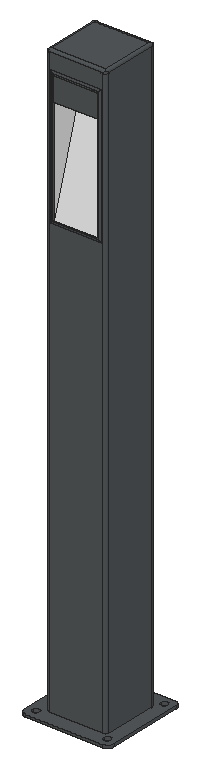
Revit family "svetilnik_alfresco_ar deko_dtu19", category Lighting Fixtures, Revit 2016 (continued)
Definition of nested family "Источник света Ар_Деко"
  Types (5, lengths in mm): name | Photometric Web File | built-in parameter 1150142
      .2       0.2       0.2       0.2       0.2\r\n       0.2       0.2       0.2       0.2       0.2       0.2       0.2       0.2\r\n       0.2       0.2       0.2       0.2       0.2       0.2       0.2       0.2\r\n       0.2       0.2       0.2       0.2       0.2       0.2       0.2       0.2\r\n       0.2       0.2       0.2       0.1       0.1       0.1       0.1       0.1\r\n       0.1       0.1       0.1       0.1       0.0       0.0       0.0       0.0\r\n       0.0       0.0       0.0       0.0       0.0\r\n       0.0       0.0       0.0       0.0       0.0       0.0       0.0       0.0\r\n       0.1       0.1       0.1       0.1       0.1       0.1       0.1       0.1\r\n       0.1       0.1       0.1       0.1       0.1       0.1       0.1       0.1\r\n       0.1       0.2       0.2       0.2       0.2       0.2       0.2       0.2\r\n       0.1       0.2       0.2       0.2       0.2       0.1       0.2       0.1\r\n       0.2       0.2       0.2       0.2       0.2       0.2       0.2       0.2\r\n       0.2       0.2       0.2       0.2       0.2       0.2       0.2       0.2\r\n       0.2       0.2       0.2       0.2       0.2       0.2       0.2       0.2\r\n       0.2       0.2       0.2       0.2       0.2       0.2       0.2       0.2\r\n       0.2       0.2       0.2       0.2       0.2       0.2       0.2       0.2\r\n       0.2       0.2       0.2       0.2       0.2       0.2       0.2       0.2\r\n       0.2       0.2       0.2       0.2       0.2       0.2       0.2       0.2\r\n       0.2       0.2       0.2       0.2       0.2       0.2       0.2       0.2\r\n       0.2       0.2       0.2       0.2       0.2       0.2       0.2       0.2\r\n       0.2       0.2       0.2       0.2       0.2       0.2       0.2       0.2\r\n       0.2       0.2       0.2       0.2       0.2       0.2       0.2       0.2\r\n       0.2       0.2       0.2       0.2       0.2       0.2       0.2       0.1\r\n       0.2       0.2       0.2       0.1       0.2       0.2       0.2       0.2\r\n       0.2       0.2       0.2       0.2       0.2       0.2       0.2       0.2\r\n       0.2       0.2       0.2       0.2       0.2       0.2       0.2       0.1\r\n       0.1       0.1       0.1       0.1       0.1       0.1       0.1       0.1\r\n       0.1       0.1       0.1       0.0       0.0       0.0       0.0       0.0\r\n       0.0       0.0       0.0       0.0       0.0\r\n       0.0       0.0       0.0       0.0       0.0       0.0       0.0       0.0\r\n       0.1       0.1       0.1       0.1       0.1       0.1       0.1       0.1\r\n       0.1       0.1       0.1       0.1       0.1       0.1       0.1       0.1\r\n       0.1       0.1       0.1       0.1       0.1       0.1       0.1       0.1\r\n       0.1       0.1       0.2       0.1       0.2       0.2       0.2       0.1\r\n       0.2       0.2       0.2       0.2       0.2       0.2       0.2       0.2\r\n       0.2       0.2       0.2       0.2       0.2       0.2       0.2       0.2\r\n       0.2       0.2       0.2       0.2       0.2       0.2       0.2       0.2\r\n       0.2       0.2       0.2       0.2       0.2       0.2       0.2       0.2\r\n       0.2       0.2       0.2       0.2       0.2       0.2       0.2       0.2\r\n       0.2       0.2       0.2       0.2       0.2       0.2       0.2       0.2\r\n       0.2       0.2       0.2       0.2       0.2       0.2       0.2       0.2\r\n       0.2       0.2       0.2       0.2       0.2       0.2       0.2       0.2\r\n       0.2       0.2       0.2       0.2       0.2       0.2       0.2       0.2\r\n       0.2       0.2       0.2       0.2       0.2       0.2       0.2       0.2\r\n       0.2       0.2       0.2       0.2       0.2       0.2       0.2       0.2\r\n       0.2       0.2       0.2       0.2       0.2       0.2       0.2       0.2\r\n       0.2       0.2       0.2       0.2       0.2       0.2       0.2       0.2\r\n       0.2       0.2       0.2       0.1       0.1       0.1       0.1       0.1\r\n       0.1       0.1       0.1       0.1       0.1       0.1       0.1       0.1\r\n       0.1       0.1       0.1       0.1       0.1       0.1       0.1       0.1\r\n       0.1       0.1       0.0       0.0       0.0       0.0       0.0       0.0\r\n       0.0       0.0       0.0       0.0       0.0\r\n       0.0       0.0       0.0       0.0       0.0       0.0       0.0       0.0\r\n       0.1       0.1       0.1       0.1       0.1       0.1       0.1       0.1\r\n       0.1       0.1       0.1       0.1       0.1       0.1       0.1       0.1\r\n       0.1       0.1       0.1       0.1       0.1       0.1       0.1       0.1\r\n       0.1       0.1       0.1       0.1       0.1       0.1       0.1       0.1\r\n       0.1       0.1       0.1       0.1       0.1       0.1       0.1       0.1\r\n       0.1       0.1       0.1       0.1       0.1       0.1       0.1       0.1\r\n       0.1       0.1       0.1       0.2       0.1       0.1       0.1       0.2\r\n       0.2       0.2       0.2       0.2       0.2       0.2       0.2       0.2\r\n       0.2       0.2       0.1       0.2       0.2       0.1       0.2       0.2\r\n       0.1       0.2       0.2       0.2       0.2       0.2       0.2       0.2\r\n       0.2       0.2       0.2       0.2       0.2       0.2       0.2       0.2\r\n       0.2       0.2       0.2       0.2       0.2       0.2       0.2       0.2\r\n       0.1       0.2       0.2       0.2       0.2       0.2       0.2       0.1\r\n       0.2       0.2       0.2       0.1       0.2       0.2       0.1       0.1\r\n       0.1       0.1       0.2       0.1       0.1       0.2       0.2       0.1\r\n       0.1       0.1       0.1       0.1       0.1       0.1       0.1       0.1\r\n       0.1       0.1       0.1       0.1       0.1       0.1       0.1       0.1\r\n       0.1       0.1       0.1       0.1       0.1       0.1       0.1       0.1\r\n       0.1       0.1       0.1       0.1       0.1       0.1       0.1       0.1\r\n       0.1       0.1       0.1       0.1       0.1       0.1       0.1       0.1\r\n       0.1       0.1       0.0       0.0       0.0       0.0       0.0       0.0\r\n       0.0       0.0       0.0       0.0       0.0\r\n       0.0       0.0       0.0       0.0       0.0       0.0       0.0       0.0\r\n       0.1       0.1       0.1       0.1       0.1       0.1       0.1       0.1\r\n       0.1       0.1       0.1       0.1       0.1       0.1       0.1       0.1\r\n       0.1       0.1       0.1       0.1       0.1       0.1       0.1       0.1\r\n       0.1       0.1       0.1       0.1       0.1       0.1       0.1       0.1\r\n       0.1       0.1       0.1       0.1       0.1       0.1       0.1       0.1\r\n       0.1       0.1       0.1       0.1       0.1       0.1       0.1       0.1\r\n       0.1       0.1       0.1       0.1       0.1       0.1       0.1       0.1\r\n       0.1       0.1       0.1       0.1       0.1       0.1       0.1       0.1\r\n       0.1       0.1       0.1       0.1       0.1       0.1       0.1       0.1\r\n       0.1       0.1       0.1       0.1       0.1       0.1       0.1       0.1\r\n       0.1       0.1       0.1       0.1       0.1       0.1       0.1       0.1\r\n       0.1       0.1       0.1       0.1       0.1       0.1       0.1       0.1\r\n       0.1       0.1       0.1       0.1       0.1       0.1       0.1       0.1\r\n       0.1       0.1       0.1       0.1       0.1       0.1       0.1       0.1\r\n       0.1       0.1       0.1       0.1       0.1       0.1       0.1       0.1\r\n       0.1       0.1       0.1       0.1       0.1       0.1       0.1       0.1\r\n       0.1       0.1       0.1       0.1       0.1       0.1       0.1       0.1\r\n       0.1       0.1       0.1       0.1       0.1       0.1       0.1       0.1\r\n       0.1       0.1       0.1       0.1       0.1       0.1       0.1       0.1\r\n       0.1       0.1       0.1       0.1       0.1       0.1       0.1       0.1\r\n       0.1       0.1       0.0       0.0       0.0       0.0       0.0       0.0\r\n       0.0       0.0       0.0       0.0       0.0\r\n       0.0       0.0       0.0       0.0       0.0       0.0       0.0       0.0\r\n       0.1       0.1       0.1       0.1       0.1       0.1       0.1       0.1\r\n       0.1       0.1       0.1       0.1       0.1       0.1       0.1       0.1\r\n       0.1       0.1       0.1       0.1       0.1       0.1       0.1       0.1\r\n       0.1       0.1       0.1       0.1       0.1       0.1       0.1       0.1\r\n       0.1       0.1       0.1       0.1       0.1       0.1       0.1       0.1\r\n       0.1       0.1       0.1       0.1       0.1       0.1       0.1       0.1\r\n       0.1       0.1       0.1       0.1       0.1       0.1       0.1       0.1\r\n       0.1       0.1       0.1       0.1       0.1       0.1       0.1       0.1\r\n       0.1       0.1       0.1       0.1       0.1       0.1       0.1       0.1\r\n       0.1       0.1       0.1       0.1       0.1       0.1       0.1       0.1\r\n       0.1       0.1       0.1       0.1       0.1       0.1       0.1       0.1\r\n       0.1       0.1       0.1       0.1       0.1       0.1       0.1       0.1\r\n       0.1       0.1       0.1       0.1       0.1       0.1       0.1       0.1\r\n       0.1       0.1       0.1       0.1       0.1       0.1       0.1       0.1\r\n       0.1       0.1       0.1       0.1       0.1       0.1       0.1       0.1\r\n       0.1       0.1       0.1       0.1       0.1       0.1       0.1       0.1\r\n       0.1       0.1       0.1       0.1       0.1       0.1       0.1       0.1\r\n       0.1       0.1       0.1       0.1       0.1       0.1       0.1       0.1\r\n       0.1       0.1       0.1       0.1       0.1       0.1       0.1       0.1\r\n       0.1       0.1       0.1       0.1       0.1       0.1       0.1       0.1\r\n       0.1       0.1       0.0       0.0       0.0       0.0       0.0       0.0\r\n       0.0       0.0       0.0       0.0       0.0\r\n       0.0       0.0       0.0       0.0       0.0       0.0       0.0       0.0\r\n       0.1       0.1       0.1       0.1       0.1       0.1       0.1       0.1\r\n       0.1       0.1       0.1       0.1       0.1       0.1       0.1       0.1\r\n       0.1       0.1       0.1       0.1       0.1       0.1       0.1       0.1\r\n       0.1       0.1       0.1       0.1       0.1       0.1       0.1       0.1\r\n       0.1       0.1       0.1       0.1       0.1       0.1       0.1       0.1\r\n       0.1       0.1       0.1       0.1       0.1       0.1       0.2       0.2\r\n       0.2       0.1       0.1       0.2       0.2       0.2       0.1       0.2\r\n       0.1       0.2       0.2       0.2       0.2       0.2       0.2       0.2\r\n       0.2       0.2       0.2       0.2       0.2       0.2       0.2       0.2\r\n       0.2       0.2       0.2       0.2       0.2       0.2       0.2       0.2\r\n       0.2       0.2       0.2       0.2       0.2       0.2       0.2       0.2\r\n       0.2       0.2       0.2       0.2       0.2       0.2       0.2       0.2\r\n       0.2       0.2       0.2       0.2       0.2       0.2       0.2       0.2\r\n       0.2       0.2       0.2       0.2       0.2       0.2       0.1       0.1\r\n       0.1       0.2       0.1       0.1       0.1       0.1       0.1       0.1\r\n       0.1       0.1       0.1       0.1       0.1       0.1       0.1       0.1\r\n       0.1       0.1       0.1       0.1       0.1       0.1       0.1       0.1\r\n       0.1       0.1       0.1       0.1       0.1       0.1       0.1       0.1\r\n       0.1       0.1       0.1       0.1       0.1       0.1       0.1       0.1\r\n       0.1       0.1       0.1       0.1       0.1       0.1       0.1       0.1\r\n       0.1       0.1       0.0       0.0       0.0       0.0       0.0       0.0\r\n       0.0       0.0       0.0       0.0       0.0\r\n       0.0       0.0       0.0       0.0       0.0       0.0       0.0       0.0\r\n       0.1       0.1       0.1       0.1       0.1       0.1       0.1       0.1\r\n       0.1       0.1       0.1       0.1       0.1       0.1       0.1       0.1\r\n       0.1       0.1       0.1       0.1       0.1       0.1       0.2       0.2\r\n       0.2       0.2       0.2       0.2       0.2       0.2       0.2       0.2\r\n       0.2       0.2       0.2       0.2       0.2       0.2       0.2       0.2\r\n       0.2       0.2       0.2       0.2       0.2       0.2       0.2       0.2\r\n       0.2       0.2       0.2       0.2       0.2       0.2       0.2       0.2\r\n       0.2       0.2       0.2       0.2       0.2       0.2       0.2       0.2\r\n       0.2       0.2       0.2       0.2       0.2       0.2       0.2       0.2\r\n       0.2       0.2       0.2       0.2       0.2       0.2       0.2       0.2\r\n       0.2       0.2       0.2       0.2       0.2       0.2       0.2       0.2\r\n       0.2       0.2       0.2       0.2       0.2       0.2       0.2       0.2\r\n       0.2       0.2       0.2       0.2       0.2       0.2       0.2       0.2\r\n       0.2       0.2       0.2       0.2       0.2       0.2       0.2       0.2\r\n       0.2       0.2       0.2       0.2       0.2       0.2       0.2       0.2\r\n       0.2       0.2       0.2       0.2       0.2       0.2       0.2       0.2\r\n       0.2       0.2       0.2       0.2       0.2       0.2       0.2       0.2\r\n       0.2       0.2       0.2       0.2       0.2       0.1       0.1       0.1\r\n       0.1       0.1       0.1       0.1       0.1       0.1       0.1       0.1\r\n       0.1       0.1       0.1       0.1       0.1       0.1       0.1       0.1\r\n       0.1       0.1       0.0       0.0       0.0       0.0       0.0       0.0\r\n       0.0       0.0       0.0       0.0       0.0\r\n       0.0       0.0       0.0       0.0       0.0       0.0       0.0       0.0\r\n       0.1       0.1       0.1       0.1       0.1       0.1       0.1       0.1\r\n       0.1       0.1       0.1       0.1       0.1       0.1       0.2       0.2\r\n       0.2       0.2       0.2       0.2       0.2       0.2       0.2       0.2\r\n       0.2       0.2       0.2       0.2       0.2       0.2       0.2       0.2\r\n       0.2       0.2       0.2       0.2       0.2       0.2       0.2       0.2\r\n       0.2       0.2       0.2       0.2       0.2       0.2       0.2       0.2\r\n       0.2       0.2       0.2       0.2       0.2       0.2       0.2       0.2\r\n       0.2       0.2       0.2       0.2       0.2       0.2       0.2       0.2\r\n       0.2       0.2       0.2       0.2       0.2       0.2       0.2       0.2\r\n       0.2       0.2       0.2       0.2       0.2       0.2       0.2       0.2\r\n       0.2       0.2       0.2       0.2       0.2       0.2       0.2       0.2\r\n       0.2       0.2       0.2       0.2       0.2       0.2       0.2       0.2\r\n       0.2       0.2       0.2       0.2       0.2       0.2       0.2       0.2\r\n       0.2       0.2       0.2       0.2       0.2       0.2       0.2       0.2\r\n       0.2       0.2       0.2       0.2       0.2       0.2       0.2       0.2\r\n       0.2       0.2       0.2       0.2       0.2       0.2       0.2       0.2\r\n       0.2       0.2       0.2       0.2       0.2       0.2       0.2       0.2\r\n       0.2       0.2       0.2       0.2       0.2       0.2       0.2       0.2\r\n       0.2       0.2       0.1       0.2       0.2       0.1       0.1       0.1\r\n       0.1       0.1       0.1       0.1       0.1       0.1       0.1       0.1\r\n       0.1       0.1       0.1       0.0       0.0       0.0       0.0       0.0\r\n       0.0       0.0       0.0       0.0       0.0\r\n       0.0       0.0       0.0       0.0       0.0       0.0       0.0       0.0\r\n       0.1       0.1       0.1       0.1       0.1       0.1       0.1       0.1\r\n       0.1       0.2       0.2       0.2       0.2       0.2       0.2       0.2\r\n       0.2       0.2       0.2       0.2       0.2       0.2       0.2       0.2\r\n       0.2       0.2       0.2       0.2       0.2       0.2       0.2       0.2\r\n       0.2       0.2       0.2       0.2       0.2       0.2       0.2       0.2\r\n       0.2       0.2       0.2       0.2       0.2       0.2       0.2       0.2\r\n       0.2       0.2       0.2       0.2       0.2       0.2       0.2  
           0.2\r\n       0.2       0.2       0.2       0.2       0.2       0.2       0.2       0.2\r\n       0.2       0.2       0.2       0.2       0.2       0.2       0.2       0.2\r\n       0.2       0.2       0.2       0.2       0.2       0.2       0.2       0.2\r\n       0.2       0.2       0.2       0.2       0.2       0.2       0.2       0.2\r\n       0.2       0.2       0.2       0.2       0.2       0.2       0.2       0.2\r\n       0.2       0.2       0.2       0.2       0.2       0.2       0.2       0.2\r\n       0.2       0.2       0.2       0.2       0.2       0.2       0.2       0.2\r\n       0.2       0.2       0.2       0.2       0.2       0.2       0.2       0.2\r\n       0.2       0.2       0.2       0.2       0.2       0.2       0.2       0.2\r\n       0.2       0.2       0.2       0.2       0.2       0.2       0.2       0.2\r\n       0.2       0.2       0.2       0.2       0.2       0.2       0.2       0.2\r\n       0.2       0.2       0.2       0.2       0.2       0.2       0.2       0.2\r\n       0.1       0.1       0.1       0.1       0.1       0.1       0.1       0.1\r\n       0.1       0.1       0.1       0.0       0.0       0.0       0.0       0.0\r\n       0.0       0.0       0.0       0.0       0.0\r\n       0.0       0.0       0.0       0.0       0.0       0.0       0.0       0.0\r\n       0.1       0.1       0.1       0.1       0.1       0.1       0.2       0.2\r\n       0.2       0.2       0.2       0.2       0.2       0.2       0.2       0.2\r\n       0.2       0.2       0.2       0.2       0.2       0.2       0.2       0.2\r\n       0.2       0.2       0.2       0.2       0.2       0.2       0.2       0.2\r\n       0.2       0.2       0.2       0.2       0.2       0.2       0.2       0.2\r\n       0.2       0.2       0.2       0.2       0.2       0.2       0.2       0.2\r\n       0.2       0.2       0.2       0.2       0.2       0.2       0.2       0.2\r\n       0.2       0.2       0.2       0.2       0.2       0.2       0.2       0.2\r\n       0.2       0.2       0.2       0.2       0.2       0.2       0.2       0.2\r\n       0.2       0.2       0.2       0.2       0.2       0.2       0.2       0.2\r\n       0.2       0.2       0.2       0.2       0.2       0.2       0.2       0.2\r\n       0.2       0.2       0.2       0.2       0.2       0.2       0.2       0.2\r\n       0.2       0.2       0.2       0.2       0.2       0.2       0.2       0.2\r\n       0.2       0.2       0.2       0.2       0.2       0.2       0.2       0.2\r\n       0.2       0.2       0.2       0.2       0.2       0.2       0.2       0.2\r\n       0.2       0.2       0.2       0.2       0.2       0.2       0.2       0.2\r\n       0.2       0.2       0.2       0.2       0.2       0.2       0.2       0.2\r\n       0.2       0.2       0.2       0.2       0.2       0.2       0.2       0.2\r\n       0.2       0.2       0.2       0.2       0.2       0.2       0.2       0.2\r\n       0.2       0.2       0.2       0.1       0.1       0.1       0.1       0.1\r\n       0.1       0.1       0.1       0.0       0.0       0.0       0.0       0.0\r\n       0.0       0.0       0.0       0.0       0.0\r\n       0.0       0.0       0.0       0.0       0.0       0.0       0.0       0.0\r\n       0.1       0.1       0.1       0.2       0.2       0.2       0.2       0.2\r\n       0.2       0.2       0.2       0.2       0.2       0.2       0.2       0.2\r\n       0.2       0.2       0.2       0.2       0.2       0.2       0.2       0.2\r\n       0.2       0.2       0.2       0.2       0.2       0.2       0.2       0.2\r\n       0.2       0.2       0.2       0.2       0.2       0.2       0.2       0.2\r\n       0.2       0.2       0.2       0.2       0.2       0.2       0.2       0.2\r\n       0.2       0.2       0.2       0.2       0.2       0.2       0.2       0.2\r\n       0.2       0.2       0.2       0.2       0.2       0.2       0.2       0.2\r\n       0.2       0.2       0.2       0.2       0.2       0.2       0.2       0.2\r\n       0.2       0.2       0.2       0.2       0.2       0.2       0.2       0.2\r\n       0.2       0.2       0.2       0.2       0.2       0.2       0.2       0.2\r\n       0.2       0.2       0.2       0.2       0.2       0.2       0.2       0.2\r\n       0.2       0.2       0.2       0.2       0.2       0.2       0.2       0.2\r\n       0.2       0.2       0.2       0.2       0.2       0.2       0.2       0.2\r\n       0.2       0.2       0.2       0.2       0.2       0.2       0.2       0.2\r\n       0.2       0.2       0.2       0.2       0.2       0.2       0.2       0.2\r\n       0.2       0.2       0.2       0.2       0.2       0.2       0.2       0.2\r\n       0.2       0.2       0.2       0.2       0.2       0.2       0.2       0.2\r\n       0.2       0.2       0.2       0.2       0.2       0.2       0.2       0.2\r\n       0.2       0.2       0.2       0.2       0.2       0.2       0.1       0.1\r\n       0.1       0.1       0.1       0.1       0.0       0.0       0.0       0.0\r\n       0.0       0.0       0.0       0.0       0.0\r\n       0.0       0.0       0.0       0.0       0.0       0.0       0.0       0.0\r\n       0.2       0.1       0.2       0.2       0.2       0.2       0.2       0.2\r\n       0.2       0.2       0.2       0.2       0.2       0.2       0.2       0.2\r\n       0.2       0.2       0.2       0.2       0.2       0.2       0.2       0.2\r\n       0.2       0.2       0.2       0.2       0.2       0.2       0.2       0.2\r\n       0.2       0.2       0.2       0.2       0.2       0.2       0.2       0.2\r\n       0.2       0.2       0.2       0.2       0.2       0.2       0.2       0.2\r\n       0.2       0.2       0.2       0.2       0.2       0.2       0.2       0.2\r\n       0.2       0.2       0.2       0.2       0.2       0.2       0.2       0.2\r\n       0.2       0.2       0.2       0.2       0.2       0.2       0.2       0.2\r\n       0.2       0.2       0.2       0.2       0.2       0.2       0.2       0.2\r\n       0.2       0.2       0.2       0.2       0.2       0.2       0.2       0.2\r\n       0.2       0.2       0.2       0.2       0.2       0.2       0.2       0.2\r\n       0.2       0.2       0.2       0.2       0.2       0.2       0.2       0.2\r\n       0.2       0.2       0.2       0.2       0.2       0.2       0.2       0.2\r\n       0.2       0.2       0.2       0.2       0.2       0.2       0.2       0.2\r\n       0.2       0.2       0.2       0.2       0.2       0.2       0.2       0.2\r\n       0.2       0.2       0.2       0.2       0.2       0.2       0.2       0.2\r\n       0.2       0.2       0.2       0.2       0.2       0.2       0.2       0.2\r\n       0.2       0.2       0.2       0.2       0.2       0.2       0.2       0.2\r\n       0.2       0.2       0.2       0.2       0.2       0.2       0.2       0.2\r\n       0.1       0.1       0.1       0.1       0.0       0.0       0.0       0.0\r\n       0.0       0.0       0.0       0.0       0.0\r\n       0.0       0.0       0.0       0.0       0.0       0.0       0.1       0.1\r\n       0.2       0.2       0.2       0.2       0.2       0.2       0.2       0.2\r\n       0.2       0.2       0.2       0.2       0.2       0.2       0.2       0.2\r\n       0.2       0.2       0.2       0.2       0.2       0.2       0.2       0.2\r\n       0.2       0.2       0.2       0.2       0.2       0.2       0.2       0.2\r\n       0.2       0.2       0.2       0.2       0.2       0.2       0.2       0.2\r\n       0.2       0.2       0.2       0.2       0.2       0.2       0.2       0.2\r\n       0.2       0.2       0.2       0.2       0.2       0.2       0.2       0.2\r\n       0.2       0.2       0.2       0.2       0.2       0.2       0.2       0.2\r\n       0.2       0.2       0.2       0.2       0.2       0.2       0.2       0.2\r\n       0.2       0.2       0.2       0.2       0.2       0.2       0.2       0.2\r\n       0.2       0.2       0.2       0.2       0.2       0.2       0.2       0.2\r\n       0.2       0.2       0.2       0.2       0.2       0.2       0.2       0.2\r\n       0.2       0.2       0.2       0.2       0.2       0.2       0.2       0.2\r\n       0.2       0.2       0.2       0.2       0.2       0.2       0.2       0.2\r\n       0.2       0.2       0.2       0.2       0.2       0.2       0.2       0.2\r\n       0.2       0.2       0.2       0.2       0.2       0.2       0.2       0.2\r\n       0.2       0.2       0.2       0.2       0.2       0.2       0.2       0.2\r\n       0.2       0.2       0.2       0.2       0.2       0.2       0.2       0.2\r\n       0.2       0.2       0.2       0.2       0.2       0.2       0.2       0.2\r\n       0.2       0.2       0.2       0.2       0.2       0.2       0.2       0.2\r\n       0.1       0.1       0.1       0.1       0.0       0.0       0.0       0.0\r\n       0.0       0.0       0.0       0.0       0.0\r\n       0.0       0.0       0.0       0.0       0.0       0.0       0.1       0.1\r\n       0.2       0.2       0.2       0.2       0.2       0.2       0.2       0.2\r\n       0.2       0.2       0.2       0.2       0.2       0.2       0.2       0.2\r\n       0.2       0.2       0.2       0.2       0.2       0.2       0.2       0.2\r\n       0.2       0.2       0.2       0.2       0.2       0.2       0.2       0.2\r\n       0.2       0.2       0.2       0.2       0.2       0.2       0.2       0.2\r\n       0.2       0.2       0.2       0.2       0.2       0.2       0.2       0.2\r\n       0.2       0.2       0.2       0.2       0.2       0.2       0.2       0.2\r\n       0.2       0.2       0.2       0.2       0.2       0.2       0.2       0.2\r\n       0.2       0.2       0.2       0.2       0.2       0.2       0.2       0.2\r\n       0.2       0.2       0.2       0.2       0.2       0.2       0.2       0.2\r\n       0.2       0.2       0.2       0.2       0.2       0.2       0.2       0.2\r\n       0.2       0.2       0.2       0.2       0.2       0.2       0.2       0.2\r\n       0.2       0.2       0.2       0.2       0.2       0.2       0.2       0.2\r\n       0.2       0.2       0.2       0.2       0.2       0.2       0.2       0.2\r\n       0.2       0.2       0.2       0.2       0.2       0.2       0.2       0.2\r\n       0.2       0.2       0.2       0.2       0.2       0.2       0.2       0.2\r\n       0.2       0.2       0.2       0.2       0.2       0.2       0.2       0.2\r\n       0.2       0.2       0.2       0.2       0.2       0.2       0.2       0.2\r\n       0.2       0.2       0.2       0.2       0.2       0.2       0.2       0.2\r\n       0.2       0.2       0.2       0.2       0.2       0.2       0.2       0.2\r\n       0.1       0.1       0.1       0.1       0.0       0.0       0.0       0.0\r\n       0.0       0.0       0.0       0.0       0.0\r\n       0.0       0.0       0.0       0.0       0.0       0.0       0.1       0.1\r\n       0.2       0.2       0.2       0.2       0.2       0.2       0.2       0.2\r\n       0.2       0.2       0.2       0.2       0.2       0.2       0.2       0.2\r\n       0.2       0.2       0.2       0.2       0.2       0.2       0.2       0.2\r\n       0.2       0.2       0.2       0.2       0.2       0.2       0.2       0.2\r\n       0.2       0.2       0.2       0.2       0.2       0.2       0.2       0.2\r\n       0.2       0.2       0.2       0.2       0.2       0.2       0.2       0.2\r\n       0.2       0.2       0.2       0.2       0.2       0.2       0.2       0.2\r\n       0.2       0.2       0.2       0.2       0.2       0.2       0.2       0.2\r\n       0.2       0.2       0.2       0.2       0.2       0.2       0.2       0.2\r\n       0.2       0.2       0.2       0.2       0.2       0.2       0.2       0.2\r\n       0.2       0.2       0.2       0.2       0.2       0.2       0.2       0.2\r\n       0.2       0.2       0.2       0.2       0.2       0.2       0.2       0.2\r\n       0.2       0.2       0.2       0.2       0.2       0.2       0.2       0.2\r\n       0.2       0.2       0.2       0.2       0.2       0.2       0.2       0.2\r\n       0.2       0.2       0.2       0.2       0.2       0.2       0.2       0.2\r\n       0.2       0.2       0.2       0.2       0.2       0.2       0.2       0.2\r\n       0.2       0.2       0.2       0.2       0.2       0.2       0.2       0.2\r\n       0.2       0.2       0.2       0.2       0.2       0.2       0.2       0.2\r\n       0.2       0.2       0.2       0.2       0.2       0.2       0.2       0.2\r\n       0.2       0.2       0.2       0.2       0.2       0.2       0.2       0.2\r\n       0.1       0.1       0.1       0.1       0.1       0.0       0.0       0.0\r\n       0.0       0.0       0.0       0.0       0.0\r\n       0.0       0.0       0.0       0.0       0.0       0.1       0.1       0.1\r\n       0.2       0.2       0.2       0.2       0.2       0.2       0.2       0.2\r\n       0.2       0.2       0.2       0.2       0.2       0.2       0.2       0.2\r\n       0.2       0.2       0.2       0.2       0.2       0.2       0.2       0.2\r\n       0.2       0.2       0.2       0.2       0.2       0.2       0.2       0.2\r\n       0.2       0.2       0.2       0.2       0.2       0.2       0.2       0.2\r\n       0.2       0.2       0.2       0.2       0.2       0.2       0.2       0.2\r\n       0.2       0.2       0.2       0.2       0.2       0.2       0.2       0.2\r\n       0.2       0.2       0.2       0.2       0.2       0.2       0.2       0.2\r\n       0.2       0.2       0.2       0.2       0.2       0.2       0.2       0.2\r\n       0.2       0.2       0.2       0.2       0.2       0.2       0.2       0.2\r\n       0.2       0.2       0.2       0.2       0.2       0.2       0.2       0.2\r\n       0.2       0.2       0.2       0.2       0.2       0.2       0.2       0.2\r\n       0.2       0.2       0.2       0.2       0.2       0.2       0.2       0.2\r\n       0.2       0.2       0.2       0.2       0.2       0.2       0.2       0.2\r\n       0.2       0.2       0.2       0.2       0.2       0.2       0.2       0.2\r\n       0.2       0.2       0.2       0.2       0.2       0.2       0.2       0.2\r\n       0.2       0.2       0.2       0.2       0.2       0.2       0.2       0.2\r\n       0.2       0.2       0.2       0.2       0.2       0.2       0.2       0.2\r\n       0.2       0.2       0.2       0.2       0.2       0.2       0.2       0.2\r\n       0.2       0.2       0.2       0.2       0.2       0.2       0.2       0.2\r\n       0.1       0.1       0.1       0.1       0.1       0.0       0.0       0.0\r\n       0.0       0.0       0.0       0.0       0.0\r\n       0.0       0.0       0.0       0.0       0.0       0.1       0.1       0.1\r\n       0.2       0.2       0.2       0.2       0.2       0.2       0.2       0.2\r\n       0.2       0.2       0.2       0.2       0.2       0.2       0.2       0.2\r\n       0.2       0.2       0.2       0.2       0.2       0.2       0.2       0.2\r\n       0.2       0.2       0.2       0.2       0.2       0.2       0.2       0.2\r\n       0.2       0.2       0.2       0.2       0.2       0.2       0.2       0.2\r\n       0.2       0.2       0.2       0.2       0.2       0.2       0.2       0.2\r\n       0.2       0.2       0.2       0.2       0.2       0.2       0.2       0.2\r\n       0.2       0.2       0.2       0.2       0.2       0.2       0.2       0.2\r\n       0.2       0.2       0.2       0.2       0.2       0.2       0.2       0.2\r\n       0.2       0.2       0.2       0.2       0.2       0.2       0.2       0.2\r\n       0.2       0.2       0.2       0.2       0.2       0.2       0.2       0.2\r\n       0.2       0.2       0.2       0.2       0.2       0.2       0.2       0.2\r\n       0.2       0.2       0.2       0.2       0.2       0.2       0.2       0.2\r\n       0.2       0.2       0.2       0.2       0.2       0.2       0.2       0.2\r\n       0.2       0.2       0.2       0.2       0.2       0.2       0.2       0.2\r\n       0.2       0.2       0.2       0.2       0.2       0.2       0.2       0.2\r\n       0.2       0.2       0.2       0.2       0.2       0.2       0.2       0.2\r\n       0.2       0.2       0.2       0.2       0.2       0.2       0.2       0.2\r\n       0.2       0.2       0.2       0.2       0.2       0.2       0.2       0.2\r\n       0.2       0.2       0.2       0.2       0.2       0.2       0.2       0.2\r\n       0.1       0.1       0.1       0.1       0.1       0.0       0.0      
